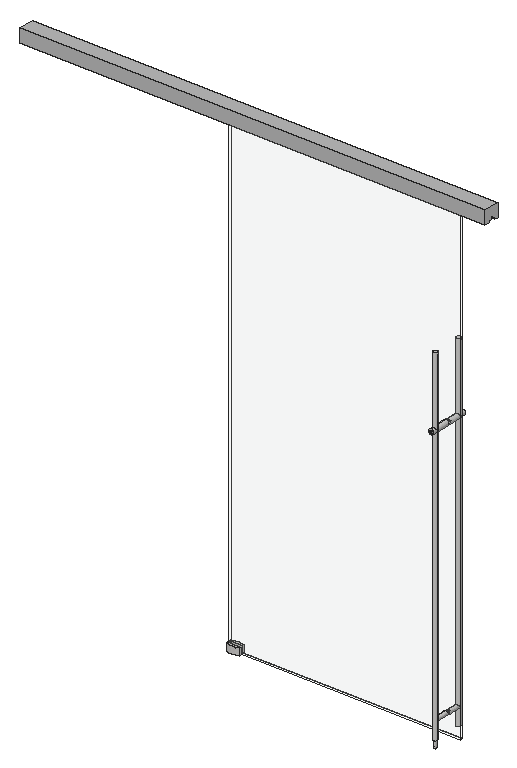
Revit family "Doors_Sliding_Avanti_Systems_Polaris-Auto-Magnetic-Slider_Single-Soffit-Mount-Sgl-Glazed", category Doors, Revit 2026 (continued)
Definition of nested family "Rail-Detail"
  Lines and regions (in)
    model lines, in view "Ref. Level"
      curve 28: arc (1.09204, 1.16142, 0) -> (1.08647, 1.15911, 0) -> (1.08416, 1.15354, 0) r 0.00788
      curve 29: arc (-1.25049, 0.88583, 0) -> (-1.25884, 0.88237, 0) -> (-1.2623, 0.87402, 0) r 0.01181
      curve 30: arc (-1.2623, -0.87402, 0) -> (-1.25884, -0.88237, 0) -> (-1.25049, -0.88583, 0) r 0.01181
      curve 31: arc (-0.46309, -0.9941, 0) -> (-0.45474, -0.99064, 0) -> (-0.45128, -0.98229, 0) r 0.01181
      curve 32: arc (-0.51419, -0.99132, 0) -> (-0.51689, -0.98918, 0) -> (-0.51971, -0.98722, 0) r 0.05492
      curve 33: arc (0.82235, 0.88583, 0) -> (0.814, 0.88237, 0) -> (0.81054, 0.87402, 0) r 0.01181
      curve 34: arc (-0.1875, 1.02362, 0) -> (-0.19585, 1.02017, 0) -> (-0.19931, 1.01181, 0) r 0.01181
      curve 35: arc (-0.21112, 0.95669, 0) -> (-0.20277, 0.96015, 0) -> (-0.19931, 0.9685, 0) r 0.01181
      curve 36: arc (-0.49065, 0.95669, 0) -> (-0.499, 0.95323, 0) -> (-0.50246, 0.94488, 0) r 0.01181
      curve 37: arc (-0.50246, 0.85827, 0) -> (-0.499, 0.84992, 0) -> (-0.49065, 0.84646, 0) r 0.01181
      curve 38: arc (-0.39616, 0.83465, 0) -> (-0.39962, 0.843, 0) -> (-0.40797, 0.84646, 0) r 0.01181
      curve 39: arc (-0.40797, 0.72835, 0) -> (-0.39962, 0.73181, 0) -> (-0.39616, 0.74016, 0) r 0.01181
      curve 40: arc (-0.50593, 0.73181, 0) -> (-0.50209, 0.72925, 0) -> (-0.49756, 0.72835, 0) r 0.01184
      curve 41: arc (-0.60088, 0.83166, 0) -> (-0.59998, 0.82715, 0) -> (-0.59743, 0.82332, 0) r 0.0118
      curve 42: arc (-0.60088, 0.87402, 0) -> (-0.60434, 0.88237, 0) -> (-0.61269, 0.88583, 0) r 0.01181
      curve 43: arc (1.13337, 0.87402, 0) -> (1.12991, 0.88237, 0) -> (1.12156, 0.88583, 0) r 0.01181
      curve 44: arc (0.81054, 0.8189, 0) -> (0.814, 0.81054, 0) -> (0.82235, 0.80709, 0) r 0.01181
      curve 45: arc (0.86369, 0.79528, 0) -> (0.86023, 0.80363, 0) -> (0.85188, 0.80709, 0) r 0.01181
      curve 46: arc (0.85188, 0.72835, 0) -> (0.86023, 0.73181, 0) -> (0.86369, 0.74016, 0) r 0.01181
      curve 47: arc (0.59991, 0.84646, 0) -> (0.59155, 0.843, 0) -> (0.58809, 0.83465, 0) r 0.01181
      curve 48: arc (0.68258, 0.84646, 0) -> (0.69094, 0.84992, 0) -> (0.69439, 0.85827, 0) r 0.01181
      curve 49: arc (-0.45128, -0.89764, 0) -> (-0.45474, -0.88929, 0) -> (-0.46309, -0.88583, 0) r 0.01181
      curve 50: arc (-0.51419, -0.99132, 0) -> (-0.51063, -0.99338, 0) -> (-0.50658, -0.9941, 0) r 0.0118
      curve 51: arc (-0.57969, -0.98722, 0) -> (-0.60482, -1.03347, 0) -> (-0.57969, -1.07971, 0) r 0.05512
      curve 52: arc (-0.51971, -1.07971, 0) -> (-0.51688, -1.07775, 0) -> (-0.51418, -1.07562, 0) r 0.05538
      curve 53: arc (-0.50657, -1.07284, 0) -> (-0.51062, -1.07355, 0) -> (-0.51418, -1.07562, 0) r 0.01182
      curve 54: arc (-0.45128, -1.08465, 0) -> (-0.45474, -1.0763, 0) -> (-0.46309, -1.07284, 0) r 0.01181
      curve 55: arc (-0.46309, -1.18111, 0) -> (-0.45474, -1.17765, 0) -> (-0.45128, -1.16929, 0) r 0.01181
      curve 56: arc (-1.41978, -1.10236, 0) -> (-1.39672, -1.15804, 0) -> (-1.34104, -1.18111, 0) r 0.07874
      curve 57: arc (-1.34104, 1.1811, 0) -> (-1.39672, 1.15804, 0) -> (-1.41978, 1.10236, 0) r 0.07874
      curve 58: arc (0.5881, 0.74016, 0) -> (0.59155, 0.73181, 0) -> (0.59991, 0.72835, 0) r 0.01181
      curve 59: arc (0.78638, 1.17372, 0) -> (0.78203, 1.17909, 0) -> (0.77543, 1.1811, 0) r 0.01181
      curve 60: arc (0.78638, 1.17372, 0) -> (0.80463, 1.16142, 0) -> (0.82288, 1.17372, 0) r 0.01969
      curve 61: arc (0.83383, 1.1811, 0) -> (0.82723, 1.17909, 0) -> (0.82288, 1.17372, 0) r 0.01181
      curve 62: arc (0.69439, 0.94488, 0) -> (0.69094, 0.95323, 0) -> (0.68258, 0.95669, 0) r 0.01181
      curve 63: arc (0.39124, 0.9685, 0) -> (0.3947, 0.96015, 0) -> (0.40305, 0.95669, 0) r 0.01181
      curve 64: arc (0.39124, 1.01181, 0) -> (0.38779, 1.02017, 0) -> (0.37943, 1.02362, 0) r 0.01181
      curve 65: arc (1.20893, 0.9635, 0) -> (1.21547, 0.96767, 0) -> (1.21802, 0.975, 0) r 0.01181
      curve 66: arc (1.20893, 0.9635, 0) -> (1.17865, 0.9252, 0) -> (1.20893, 0.88689, 0) r 0.03937
      curve 67: arc (1.21802, 0.8754, 0) -> (1.21547, 0.88272, 0) -> (1.20893, 0.88689, 0) r 0.01181
      curve 68: arc (1.20621, 0.72835, 0) -> (1.21456, 0.73181, 0) -> (1.21802, 0.74016, 0) r 0.01181
      curve 69: arc (1.08022, 0.74016, 0) -> (1.08368, 0.73181, 0) -> (1.09203, 0.72835, 0) r 0.01181
      curve 70: arc (1.09203, 0.80709, 0) -> (1.08368, 0.80363, 0) -> (1.08022, 0.79528, 0) r 0.01181
      curve 71: arc (1.12156, 0.80709, 0) -> (1.12991, 0.81054, 0) -> (1.13337, 0.8189, 0) r 0.01181
      curve 72: arc (-1.09695, -1.04331, 0) -> (-1.09464, -1.04888, 0) -> (-1.08907, -1.05118, 0) r 0.00787
      curve 73: arc (-0.6875, -1.05118, 0) -> (-0.68193, -1.04888, 0) -> (-0.67962, -1.04331, 0) r 0.00787
      curve 74: arc (-0.67175, -0.88583, 0) -> (-0.67732, -0.88813, 0) -> (-0.67962, -0.8937, 0) r 0.00787
      curve 75: arc (-1.09695, -0.8937, 0) -> (-1.09925, -0.88814, 0) -> (-1.10482, -0.88583, 0) r 0.00787
      curve 76: arc (-1.08907, 1.05118, 0) -> (-1.09463, 1.04888, 0) -> (-1.09695, 1.04332, 0) r 0.00788
      curve 77: arc (-1.10482, 0.88583, 0) -> (-1.09925, 0.88814, 0) -> (-1.09695, 0.8937, 0) r 0.00787
      curve 78: arc (-0.67962, 1.0433, 0) -> (-0.68193, 1.04888, 0) -> (-0.6875, 1.05118, 0) r 0.00788
      curve 79: arc (-0.67962, 0.8937, 0) -> (-0.67732, 0.88813, 0) -> (-0.67175, 0.88583, 0) r 0.00787
      curve 80: arc (-0.53002, -1.12992, 0) -> (-0.52445, -1.12762, 0) -> (-0.52214, -1.12205, 0) r 0.00787
      curve 81: arc (-0.57726, -1.12205, 0) -> (-0.57495, -1.12762, 0) -> (-0.56939, -1.12992, 0) r 0.00787
      curve 82: arc (-0.56939, -0.93701, 0) -> (-0.57495, -0.93932, 0) -> (-0.57726, -0.94488, 0) r 0.00787
      curve 83: arc (-0.52214, -0.94488, 0) -> (-0.52445, -0.93932, 0) -> (-0.53002, -0.93701, 0) r 0.00787
      curve 84: arc (1.08022, 1.16929, 0) -> (1.07676, 1.17764, 0) -> (1.06841, 1.1811, 0) r 0.01181
      curve 85: arc (1.04085, 1.10236, 0) -> (1.06869, 1.1139, 0) -> (1.08022, 1.14173, 0) r 0.03937
      curve 86: arc (0.99314, 1.10691, 0) -> (0.99728, 1.10356, 0) -> (1.00246, 1.10236, 0) r 0.01181
      curve 87: arc (0.99314, 1.10691, 0) -> (0.96211, 1.12205, 0) -> (0.93108, 1.10691, 0) r 0.03937
      curve 88: arc (0.92177, 1.10236, 0) -> (0.92695, 1.10356, 0) -> (0.93108, 1.10691, 0) r 0.01181
      curve 89: arc (0.844, 1.10236, 0) -> (0.80463, 1.06299, 0) -> (0.844, 1.02362, 0) r 0.03937
      curve 90: arc (0.93108, 1.01908, 0) -> (0.92695, 1.02243, 0) -> (0.92177, 1.02362, 0) r 0.01181
      curve 91: arc (0.93108, 1.01908, 0) -> (0.96211, 1.00394, 0) -> (0.99314, 1.01908, 0) r 0.03937
      curve 92: arc (1.00246, 1.02362, 0) -> (0.99727, 1.02243, 0) -> (0.99314, 1.01908, 0) r 0.01181
      curve 93: arc (1.21802, 1.01181, 0) -> (1.21456, 1.02017, 0) -> (1.20621, 1.02362, 0) r 0.01181
      curve 94: line (-1.03396, 1, 0) -> (-0.74262, 1, 0)
      curve 95: line (-1.04773, 0.84252, 0) -> (-1.04773, 0.89626, 0)
      curve 96: line (-0.72884, 0.89626, 0) -> (-0.72884, 0.84252, 0)
      curve 97: line (-1.03396, -1, 0) -> (-0.74262, -1, 0)
      curve 98: line (-0.72884, -0.89626, 0) -> (-0.72884, -0.84252, 0)
      curve 99: line (-1.04577, -0.84252, 0) -> (-1.04577, -0.89626, 0)
      curve 100: line (1.33613, -1.10236, 0) -> (1.33613, 1.08268, 0)
      curve 101: line (0.75739, -1.18111, 0) -> (1.25739, -1.18111, 0)
      curve 102: line (0.75739, -1.07284, 0) -> (0.80087, -1.07284, 0)
      curve 103: line (0.81644, -1.08759, 0) -> (0.81644, -1.12205, 0)
      curve 104: line (0.82432, -1.12992, 0) -> (0.86369, -1.12992, 0)
      curve 105: line (0.87156, -1.12205, 0) -> (0.87156, -1.08759, 0)
      curve 106: line (0.87156, -0.97934, 0) -> (0.87156, -0.94488, 0)
      curve 107: line (0.86369, -0.93701, 0) -> (0.82432, -0.93701, 0)
      curve 108: line (0.81644, -0.94488, 0) -> (0.81644, -0.97934, 0)
      curve 109: line (0.80088, -0.9941, 0) -> (0.75739, -0.9941, 0)
      curve 110: line (0.75739, -0.88583, 0) -> (0.98967, -0.88583, 0)
      curve 111: line (1.26526, -1.10236, 0) -> (1.01329, -1.10236, 0)
      curve 112: line (1.27707, 0.68898, 0) -> (1.27707, -1.09055, 0)
      curve 113: line (1.22983, 0.72835, 0) -> (1.2377, 0.72835, 0)
      curve 114: line (1.21802, 1.01968, 0) -> (1.21802, 0.74016, 0)
      curve 115: line (1.21802, 0.74016, 0) -> (1.21802, 0.8754, 0)
      curve 116: line (1.00246, 1.02362, 0) -> (1.20621, 1.02362, 0)
      curve 117: line (1.21014, 1.02756, 0) -> (0.844, 1.02756, 0)
      curve 118: line (0.844, 1.02362, 0) -> (0.92177, 1.02362, 0)
      curve 119: line (0.92177, 1.10236, 0) -> (0.844, 1.10236, 0)
      curve 120: line (0.844, 1.09843, 0) -> (1.07629, 1.09843, 0)
      curve 121: line (1.08416, 1.1063, 0) -> (1.08416, 1.15354, 0)
      curve 122: line (1.25739, 1.16142, 0) -> (1.09204, 1.16142, 0)
      curve 123: line (0.74558, -0.89764, 0) -> (0.74558, -0.98229, 0)
      curve 124: line (1.00148, -1.09055, 0) -> (1.00148, -0.89764, 0)
      curve 125: line (0.74558, -1.08465, 0) -> (0.74558, -1.16929, 0)
      curve 126: line (-1.25049, 0.88583, 0) -> (-1.10482, 0.88583, 0)
      curve 127: line (-1.2623, -0.87402, 0) -> (-1.2623, 0.87402, 0)
      curve 128: line (-0.50658, -0.9941, 0) -> (-0.46309, -0.9941, 0)
      curve 129: line (0.82235, 0.88583, 0) -> (1.12156, 0.88583, 0)
      curve 130: line (-0.19931, 0.9685, 0) -> (-0.19931, 1.01181, 0)
      curve 131: line (-0.49065, 0.95669, 0) -> (-0.21112, 0.95669, 0)
      curve 132: line (-0.50246, 0.85827, 0) -> (-0.50246, 0.94488, 0)
      curve 133: line (-0.40797, 0.84646, 0) -> (-0.49065, 0.84646, 0)
      curve 134: line (-0.39616, 0.74016, 0) -> (-0.39616, 0.83465, 0)
      curve 135: line (-0.49756, 0.72835, 0) -> (-0.40797, 0.72835, 0)
      curve 136: line (-0.59743, 0.82332, 0) -> (-0.50593, 0.73181, 0)
      curve 137: line (-0.60088, 0.87402, 0) -> (-0.60088, 0.83166, 0)
      curve 138: line (-0.67175, 0.88583, 0) -> (-0.61269, 0.88583, 0)
      curve 139: line (1.13337, 0.87402, 0) -> (1.13337, 0.8189, 0)
      curve 140: line (0.81054, 0.8189, 0) -> (0.81054, 0.87402, 0)
      curve 141: line (0.85188, 0.80709, 0) -> (0.82235, 0.80709, 0)
      curve 142: line (0.86369, 0.74016, 0) -> (0.86369, 0.79528, 0)
      curve 143: line (0.59991, 0.72835, 0) -> (0.85188, 0.72835, 0)
      curve 144: line (0.58809, 0.83465, 0) -> (0.58809, 0.74016, 0)
      curve 145: line (0.68258, 0.84646, 0) -> (0.59991, 0.84646, 0)
      curve 146: line (-1.10482, -0.88583, 0) -> (-1.25049, -0.88583, 0)
      curve 147: line (-0.46309, -0.88583, 0) -> (-0.67175, -0.88583, 0)
      curve 148: line (-0.45128, -0.98229, 0) -> (-0.45128, -0.89764, 0)
      curve 149: line (-0.1875, 1.02362, 0) -> (0.07628, 1.02362, 0)
      curve 150: line (0.07628, 1.02362, 0) -> (0.09597, 1.04331, 0)
      curve 151: line (0.09597, 1.04331, 0) -> (0.11565, 1.02362, 0)
      curve 152: line (0.11565, 1.02362, 0) -> (0.37943, 1.02362, 0)
      curve 153: line (-0.46309, -1.07284, 0) -> (-0.50657, -1.07284, 0)
      curve 154: line (-0.45128, -1.16929, 0) -> (-0.45128, -1.08465, 0)
      curve 155: line (-1.34104, -1.18111, 0) -> (-0.46309, -1.18111, 0)
      curve 156: line (-1.41978, 1.10236, 0) -> (-1.41978, -1.10236, 0)
      curve 157: line (1.06841, 1.1811, 0) -> (0.83383, 1.1811, 0)
      curve 158: line (0.69439, 0.94488, 0) -> (0.69439, 0.85827, 0)
      curve 159: line (0.39124, 1.01181, 0) -> (0.39124, 0.9685, 0)
      curve 160: line (1.09203, 0.72835, 0) -> (1.20621, 0.72835, 0)
      curve 161: line (1.08022, 0.79528, 0) -> (1.08022, 0.74016, 0)
      curve 162: line (1.12156, 0.80709, 0) -> (1.09203, 0.80709, 0)
      curve 163: line (0.40305, 0.95669, 0) -> (0.68258, 0.95669, 0)
      curve 164: line (-1.09695, 1.04332, 0) -> (-1.09695, 0.8937, 0)
      curve 165: line (-0.6875, 1.05118, 0) -> (-1.08907, 1.05118, 0)
      curve 166: line (-0.67962, 0.8937, 0) -> (-0.67962, 1.0433, 0)
      curve 167: line (-0.67962, -1.04331, 0) -> (-0.67962, -0.8937, 0)
      curve 168: line (-1.08907, -1.05118, 0) -> (-0.6875, -1.05118, 0)
      curve 169: line (-1.09695, -0.8937, 0) -> (-1.09695, -1.04331, 0)
      curve 170: line (-0.57726, -1.08181, 0) -> (-0.57726, -1.12205, 0)
      curve 171: line (-0.52214, -1.12205, 0) -> (-0.52214, -1.08181, 0)
      curve 172: line (-0.52214, -0.98513, 0) -> (-0.52214, -0.94488, 0)
      curve 173: line (-0.57726, -0.94488, 0) -> (-0.57726, -0.98513, 0)
      curve 174: line (-0.53002, -1.12992, 0) -> (-0.56939, -1.12992, 0)
      curve 175: line (-0.56939, -0.93701, 0) -> (-0.53002, -0.93701, 0)
      curve 176: line (0.77543, 1.1811, 0) -> (-1.34104, 1.1811, 0)
      curve 177: line (1.08022, 1.14173, 0) -> (1.08022, 1.16929, 0)
      curve 178: line (1.00246, 1.10236, 0) -> (1.04085, 1.10236, 0)
      curve 179: line (1.21802, 0.975, 0) -> (1.21802, 1.01181, 0)
      curve 180: arc (-0.72476, 0.90317, 0) -> (-0.72774, 0.90027, 0) -> (-0.72884, 0.89626, 0) r 0.00789
      curve 181: arc (-0.72476, 0.90317, 0) -> (-0.71407, 0.92126, 0) -> (-0.72476, 0.93936, 0) r 0.02067
      curve 182: arc (-0.72884, 0.94626, 0) -> (-0.72774, 0.94225, 0) -> (-0.72476, 0.93936, 0) r 0.00787
      curve 183: arc (-1.05181, 0.93936, 0) -> (-1.04883, 0.94225, 0) -> (-1.04773, 0.94626, 0) r 0.00787
      curve 184: arc (-1.05181, 0.93936, 0) -> (-1.0625, 0.92126, 0) -> (-1.05181, 0.90317, 0) r 0.02067
      curve 185: arc (-1.04773, 0.89626, 0) -> (-1.04883, 0.90027, 0) -> (-1.05181, 0.90317, 0) r 0.00789
      curve 186: arc (-1.07529, 1.04331, 0) -> (-1.08365, 1.03984, 0) -> (-1.0871, 1.03148, 0) r 0.01181
      curve 187: arc (-0.68947, 1.0315, 0) -> (-0.69293, 1.03985, 0) -> (-0.70128, 1.04331, 0) r 0.01181
      curve 188: arc (-1.03592, 1, 0) -> (-1.04427, 0.99654, 0) -> (-1.04773, 0.98818, 0) r 0.01182
      curve 189: arc (-1.05954, 0.84646, 0) -> (-1.05119, 0.84992, 0) -> (-1.04773, 0.85827, 0) r 0.01181
      curve 190: arc (-0.72884, 0.98818, 0) -> (-0.7323, 0.99654, 0) -> (-0.74065, 1, 0) r 0.01182
      curve 191: arc (-0.72884, 0.85827, 0) -> (-0.72538, 0.84992, 0) -> (-0.71703, 0.84646, 0) r 0.01181
      curve 192: arc (-0.6245, 0.84646, 0) -> (-0.61615, 0.84992, 0) -> (-0.61269, 0.85827, 0) r 0.01181
      curve 193: arc (-0.61269, 0.87402, 0) -> (-0.61615, 0.88237, 0) -> (-0.6245, 0.88583, 0) r 0.01181
      curve 194: arc (-0.68947, 0.89764, 0) -> (-0.68601, 0.88929, 0) -> (-0.67766, 0.88583, 0) r 0.01181
      curve 195: arc (-1.09891, 0.88583, 0) -> (-1.09056, 0.88929, 0) -> (-1.0871, 0.89764, 0) r 0.01181
      curve 196: arc (-1.16388, 0.85827, 0) -> (-1.16042, 0.84992, 0) -> (-1.15207, 0.84646, 0) r 0.01181
      curve 197: arc (-1.15207, 0.88583, 0) -> (-1.16042, 0.88237, 0) -> (-1.16388, 0.87402, 0) r 0.01181
      curve 198: arc (-1.04773, -0.94626, 0) -> (-1.04883, -0.94226, 0) -> (-1.05181, -0.93936, 0) r 0.00787
      curve 199: arc (-0.72476, -0.93936, 0) -> (-0.72774, -0.94226, 0) -> (-0.72884, -0.94626, 0) r 0.00787
      curve 200: arc (-0.70128, -1.04331, 0) -> (-0.69293, -1.03985, 0) -> (-0.68947, -1.0315, 0) r 0.01181
      curve 201: arc (-1.04773, -0.98819, 0) -> (-1.04428, -0.99654, 0) -> (-1.03592, -1, 0) r 0.01181
      curve 202: arc (-1.04577, -0.85827, 0) -> (-1.04923, -0.84992, 0) -> (-1.05758, -0.84646, 0) r 0.01181
      curve 203: arc (-0.74065, -1, 0) -> (-0.7323, -0.99654, 0) -> (-0.72884, -0.98819, 0) r 0.01181
      curve 204: arc (-0.71702, -0.84646, 0) -> (-0.72538, -0.84992, 0) -> (-0.72884, -0.85827, 0) r 0.01181
      curve 205: arc (-0.61269, -0.85827, 0) -> (-0.61615, -0.84992, 0) -> (-0.62451, -0.84646, 0) r 0.01181
      curve 206: arc (-0.62451, -0.88583, 0) -> (-0.61615, -0.88237, 0) -> (-0.61269, -0.87402, 0) r 0.01181
      curve 207: arc (-0.67766, -0.88583, 0) -> (-0.68601, -0.88929, 0) -> (-0.68947, -0.89764, 0) r 0.01181
      curve 208: arc (-1.0871, -0.89764, 0) -> (-1.09056, -0.88929, 0) -> (-1.09891, -0.88583, 0) r 0.01181
      curve 209: arc (-1.15206, -0.84646, 0) -> (-1.16042, -0.84992, 0) -> (-1.16388, -0.85827, 0) r 0.01181
      curve 210: arc (-1.16388, -0.87402, 0) -> (-1.16042, -0.88237, 0) -> (-1.15206, -0.88583, 0) r 0.01181
      curve 211: arc (-1.0871, -1.0315, 0) -> (-1.08365, -1.03985, 0) -> (-1.07529, -1.04331, 0) r 0.01181
      curve 212: arc (-1.05181, -0.90316, 0) -> (-1.04883, -0.90027, 0) -> (-1.04773, -0.89626, 0) r 0.00787
      curve 213: arc (-0.72884, -0.89626, 0) -> (-0.72774, -0.90027, 0) -> (-0.72476, -0.90316, 0) r 0.00787
      curve 214: arc (-1.05181, -0.90316, 0) -> (-1.0625, -0.92126, 0) -> (-1.05181, -0.93936, 0) r 0.02067
      curve 215: arc (-0.72476, -0.93936, 0) -> (-0.71407, -0.92126, 0) -> (-0.72476, -0.90316, 0) r 0.02067
      curve 216: line (-0.67766, 0.88583, 0) -> (-0.6245, 0.88583, 0)
      curve 217: line (-0.61269, 0.87402, 0) -> (-0.61269, 0.85827, 0)
      curve 218: line (-0.6245, 0.84646, 0) -> (-0.71703, 0.84646, 0)
      curve 219: line (-0.72884, 0.85827, 0) -> (-0.72884, 0.89626, 0)
      curve 220: line (-0.72884, 0.94626, 0) -> (-0.72884, 0.98818, 0)
      curve 221: line (-0.74065, 1, 0) -> (-1.03592, 1, 0)
      curve 222: line (-1.04773, 0.98818, 0) -> (-1.04773, 0.94626, 0)
      curve 223: line (-1.04773, 0.89626, 0) -> (-1.04773, 0.85827, 0)
      curve 224: line (-1.05954, 0.84646, 0) -> (-1.15207, 0.84646, 0)
      curve 225: line (-1.16388, 0.85827, 0) -> (-1.16388, 0.87402, 0)
      curve 226: line (-1.15207, 0.88583, 0) -> (-1.09891, 0.88583, 0)
      curve 227: line (-1.07529, 1.04331, 0) -> (-0.70128, 1.04331, 0)
      curve 228: line (-0.68947, 1.0315, 0) -> (-0.68947, 0.89764, 0)
      curve 229: line (-1.0871, 0.89764, 0) -> (-1.0871, 1.03148, 0)
      curve 230: line (-0.70128, -1.04331, 0) -> (-1.07529, -1.04331, 0)
      curve 231: line (-0.62451, -0.84646, 0) -> (-0.71702, -0.84646, 0)
      curve 232: line (-0.61269, -0.87402, 0) -> (-0.61269, -0.85827, 0)
      curve 233: line (-0.67766, -0.88583, 0) -> (-0.62451, -0.88583, 0)
      curve 234: line (-1.15206, -0.88583, 0) -> (-1.09891, -0.88583, 0)
      curve 235: line (-1.16388, -0.85827, 0) -> (-1.16388, -0.87402, 0)
      curve 236: line (-1.05758, -0.84646, 0) -> (-1.15206, -0.84646, 0)
      curve 237: line (-1.04577, -0.89626, 0) -> (-1.04577, -0.85827, 0)
      curve 238: line (-0.74065, -1, 0) -> (-1.03592, -1, 0)
      curve 239: line (-0.72884, -0.94626, 0) -> (-0.72884, -0.98819, 0)
      curve 240: line (-0.72884, -0.85827, 0) -> (-0.72884, -0.89626, 0)
      curve 241: line (-1.04773, -0.98819, 0) -> (-1.04773, -0.94626, 0)
      curve 242: line (-0.68947, -1.0315, 0) -> (-0.68947, -0.89764, 0)
      curve 243: line (-1.0871, -0.89764, 0) -> (-1.0871, -1.0315, 0)
      curve 244: arc (0.91005, 0.71109, 0) -> (0.77573, 0.72832, 0) -> (0.6418, 0.70829, 0) r 0.49218
      curve 245: arc (-0.99964, 0.71542, 0) -> (-0.88829, 0.66929, 0) -> (-0.77693, 0.71542, 0) r 0.15748
      curve 246: arc (-0.99964, 0.54219, 0) -> (-0.88829, 0.49606, 0) -> (-0.77693, 0.54219, 0) r 0.15748
      curve 247: arc (-0.46, 0.66929, 0) -> (-0.4688, 0.66385, 0) -> (-0.46787, 0.65354, 0) r 0.00984
      curve 248: arc (0.71591, -0.49409, 0) -> (0.70199, -0.49986, 0) -> (0.69623, -0.51378, 0) r 0.01969
      curve 249: arc (0.87339, -0.49409, 0) -> (0.88731, -0.48833, 0) -> (0.89308, -0.47441, 0) r 0.01969
      curve 250: arc (0.89308, -0.3563, 0) -> (0.88926, -0.34465, 0) -> (0.8793, -0.33752, 0) r 0.01969
      curve 251: arc (1.15621, 0.54584, 0) -> (1.13067, 0.56291, 0) -> (1.10054, 0.5689, 0) r 0.07873
      curve 252: arc (1.15621, 0.49016, 0) -> (1.16495, 0.518, 0) -> (1.15621, 0.54584, 0) r 0.04871
      curve 253: arc (1.15621, -0.70725, 0) -> (1.16495, -0.67941, 0) -> (1.15621, -0.65157, 0) r 0.04871
      curve 254: arc (1.10054, -0.73031, 0) -> (1.13067, -0.72432, 0) -> (1.15621, -0.70725, 0) r 0.07873
      curve 255: arc (1.2282, 0.41818, 0) -> (1.23694, 0.44601, 0) -> (1.2282, 0.47385, 0) r 0.04871
      curve 256: arc (1.2282, -0.63526, 0) -> (1.23694, -0.60743, 0) -> (1.2282, -0.57959, 0) r 0.04871
      curve 257: arc (1.2282, -0.63526, 0) -> (1.24527, -0.60972, 0) -> (1.25126, -0.57959, 0) r 0.07874
      curve 258: arc (1.25126, 0.41818, 0) -> (1.24527, 0.44831, 0) -> (1.2282, 0.47385, 0) r 0.07874
      curve 259: arc (0.8793, 0.35433, 0) -> (0.86777, 0.38217, 0) -> (0.83993, 0.3937, 0) r 0.03937
      curve 260: arc (0.83993, -0.47244, 0) -> (0.86777, -0.46091, 0) -> (0.8793, -0.43307, 0) r 0.03937
      curve 261: arc (0.61532, 0.61024, 0) -> (0.60704, 0.63859, 0) -> (0.58137, 0.6532, 0) r 0.03937
      curve 262: arc (0.58137, -0.50753, 0) -> (0.60577, -0.49443, 0) -> (0.61552, -0.46851, 0) r 0.03937
      curve 263: line (0.6667, -0.52858, 0) -> (0.69623, -0.52858, 0)
      curve 264: line (0.69623, -0.52858, 0) -> (0.6667, -0.52858, 0)
      curve 265: line (0.6667, -0.52858, 0) -> (0.69623, -0.52858, 0)
      curve 266: line (0.69623, -0.52858, 0) -> (0.6667, -0.52858, 0)
      curve 267: line (0.6667, -0.52858, 0) -> (0.69623, -0.52858, 0)
      curve 268: line (0.69623, -0.52858, 0) -> (0.6667, -0.52858, 0)
      curve 269: line (0.6667, -0.52858, 0) -> (0.69623, -0.52858, 0)
      curve 270: line (0.69623, -0.52858, 0) -> (0.6667, -0.52858, 0)
      curve 271: line (0.6667, -0.52858, 0) -> (0.6667, -0.55417, 0)
      curve 272: line (0.6667, -0.55417, 0) -> (0.69623, -0.55417, 0)
      curve 273: line (0.8793, -0.24596, 0) -> (0.91005, -0.23865, 0)
      curve 274: line (0.91005, -0.23865, 0) -> (0.93835, -0.21034, 0)
      curve 275: line (0.93835, -0.21034, 0) -> (0.93835, -0.04367, 0)
      curve 276: line (0.93835, -0.04367, 0) -> (0.93835, 0.68278, 0)
      curve 277: line (0.93835, 0.68278, 0) -> (0.91005, 0.71109, 0)
      curve 278: line (0.91005, 0.71109, 0) -> (0.91005, -0.06141, 0)
      curve 279: line (0.91005, -0.06141, 0) -> (0.91005, -0.23865, 0)
      curve 280: line (0.6418, 0.3937, 0) -> (0.6418, 0.70829, 0)
      curve 281: line (0.6418, 0.70829, 0) -> (0.6225, 0.66929, 0)
      curve 282: line (-0.65206, 0.73228, 0) -> (-0.65206, 0.74803, 0)
      curve 283: line (-0.65206, 0.74803, 0) -> (-0.67175, 0.76772, 0)
      curve 284: line (-0.67175, 0.76772, 0) -> (-0.72463, 0.76772, 0)
      curve 285: line (-0.72463, 0.76772, 0) -> (-0.77693, 0.71542, 0)
      curve 286: line (-0.77693, 0.71542, 0) -> (-0.77693, 0.54219, 0)
      curve 287: line (0.93835, 0.13779, 0) -> (0.94623, 0.13779, 0)
      curve 288: line (0.94623, 0.13779, 0) -> (0.95804, 0.14961, 0)
      curve 289: line (0.95804, 0.14961, 0) -> (0.95804, 0.32283, 0)
      curve 290: line (0.95804, 0.32283, 0) -> (0.94623, 0.33465, 0)
      curve 291: line (0.94623, 0.33465, 0) -> (0.93835, 0.33465, 0)
      curve 292: line (-1.12451, 0.54974, 0) -> (-1.12451, -0.76378, 0)
      curve 293: line (-1.12451, -0.76378, 0) -> (-1.10482, -0.78347, 0)
      curve 294: line (-1.10482, -0.78347, 0) -> (-1.05194, -0.78347, 0)
      curve 295: line (-1.05194, -0.78347, 0) -> (-0.99964, -0.73116, 0)
      curve 296: line (-0.99964, -0.73116, 0) -> (-0.99964, 0.54219, 0)
      curve 297: line (-0.99964, 0.54219, 0) -> (-1.05194, 0.59449, 0)
      curve 298: line (-1.05194, 0.59449, 0) -> (-1.10482, 0.59449, 0)
      curve 299: line (-1.10482, 0.59449, 0) -> (-1.12451, 0.57481, 0)
      curve 300: line (-1.12451, 0.57481, 0) -> (-1.12451, 0.54974, 0)
      curve 301: line (-0.77693, -0.73116, 0) -> (-0.72463, -0.78347, 0)
      curve 302: line (-0.72463, -0.78347, 0) -> (-0.67175, -0.78347, 0)
      curve 303: line (-0.67175, -0.78347, 0) -> (-0.65206, -0.76378, 0)
      curve 304: line (-0.65206, -0.76378, 0) -> (-0.65206, 0.57481, 0)
      curve 305: line (-0.65206, 0.57481, 0) -> (-0.67175, 0.59449, 0)
      curve 306: line (-0.67175, 0.59449, 0) -> (-0.72463, 0.59449, 0)
      curve 307: line (-0.72463, 0.59449, 0) -> (-0.77693, 0.54219, 0)
      curve 308: line (-0.77693, 0.54219, 0) -> (-0.77693, -0.73116, 0)
      curve 309: line (-0.65206, 0.57481, 0) -> (-0.65206, 0.73228, 0)
      curve 310: line (-1.12451, 0.73228, 0) -> (-1.12451, 0.74803, 0)
      curve 311: line (-1.12451, 0.74803, 0) -> (-1.10482, 0.76772, 0)
      curve 312: line (-1.10482, 0.76772, 0) -> (-1.05194, 0.76772, 0)
      curve 313: line (-1.05194, 0.76772, 0) -> (-0.99964, 0.71542, 0)
      curve 314: line (-0.99964, 0.71542, 0) -> (-0.99964, 0.54219, 0)
      curve 315: line (-0.63238, 0.14961, 0) -> (-0.65206, 0.14961, 0)
      curve 316: line (-0.65206, -0.33858, 0) -> (-0.63238, -0.33858, 0)
      curve 317: line (-0.63238, 0.30709, 0) -> (-0.65206, 0.30709, 0)
      curve 318: line (0.61532, 0.3937, 0) -> (0.83993, 0.3937, 0)
      curve 319: line (0.83993, 0.3937, 0) -> (0.8793, 0.3937, 0)
      curve 320: line (0.8793, 0.3937, 0) -> (0.8793, 0.35433, 0)
      curve 321: line (0.8793, 0.35433, 0) -> (0.8793, -0.43307, 0)
      curve 322: line (0.8793, -0.43307, 0) -> (0.8793, -0.47244, 0)
      curve 323: line (0.8793, -0.47244, 0) -> (0.83993, -0.47244, 0)
      curve 324: line (0.83993, -0.47244, 0) -> (0.61532, -0.47244, 0)
      curve 325: line (0.61532, -0.47244, 0) -> (0.61532, 0.61024, 0)
      curve 326: line (0.62339, 0.3937, 0) -> (0.62339, 0.67109, 0)
      curve 327: line (0.6225, 0.66929, 0) -> (-0.46, 0.66929, 0)
      curve 328: line (0.93835, 0.5689, 0) -> (1.10054, 0.5689, 0)
      curve 329: line (1.10054, 0.5689, 0) -> (1.10054, 0.49016, 0)
      curve 330: line (1.10054, 0.49016, 0) -> (1.10054, -0.65157, 0)
      curve 331: line (1.10054, -0.65157, 0) -> (0.69623, -0.65157, 0)
      curve 332: line (0.69623, -0.65157, 0) -> (0.69623, -0.51378, 0)
      curve 333: line (0.71591, -0.49409, 0) -> (0.87339, -0.49409, 0)
      curve 334: line (0.89308, -0.47441, 0) -> (0.89308, -0.3563, 0)
      curve 335: line (0.93835, 0.49016, 0) -> (1.10054, 0.49016, 0)
      curve 336: line (1.10054, 0.49016, 0) -> (1.15621, 0.49016, 0)
      curve 337: line (1.15621, 0.49016, 0) -> (1.15621, -0.65157, 0)
      curve 338: line (1.15621, -0.65157, 0) -> (1.10054, -0.65157, 0)
      curve 339: line (1.10054, -0.65157, 0) -> (1.10054, -0.73031, 0)
      curve 340: line (1.10054, -0.73031, 0) -> (0.69623, -0.73031, 0)
      curve 341: line (0.69623, -0.73031, 0) -> (0.69623, -0.65157, 0)
      curve 342: line (1.2282, 0.41818, 0) -> (1.15621, 0.49016, 0)
      curve 343: line (1.15621, 0.54584, 0) -> (1.2282, 0.47385, 0)
      curve 344: line (1.2282, -0.63526, 0) -> (1.15621, -0.70725, 0)
      curve 345: line (1.15621, -0.65157, 0) -> (1.2282, -0.57959, 0)
      curve 346: line (1.2282, -0.57959, 0) -> (1.2282, 0.41818, 0)
      curve 347: line (1.2282, 0.41818, 0) -> (1.25126, 0.41818, 0)
      curve 348: line (1.25126, 0.41818, 0) -> (1.25126, -0.57959, 0)
      curve 349: line (1.25126, -0.57959, 0) -> (1.2282, -0.57959, 0)
      curve 350: line (0.75331, -0.47244, 0) -> (0.75331, -0.49409, 0)
      curve 351: line (0.79268, -0.49409, 0) -> (0.79268, -0.47244, 0)
      curve 352: line (-0.67175, -0.78347, 0) -> (-0.67175, 0.76772, 0)
      curve 353: line (-0.65206, 0.59055, 0) -> (-0.64025, 0.59055, 0)
      curve 354: line (-0.62004, -0.59055, 0) -> (-0.63238, -0.59055, 0)
      curve 355: line (-0.56039, -0.59055, 0) -> (-0.65206, -0.59055, 0)
      curve 356: line (-0.63238, -0.59055, 0) -> (-0.63238, -0.54252, 0)
      curve 357: line (-0.36405, -0.78347, 0) -> (-0.00296, -0.78347, 0)
      curve 358: line (-0.00296, -0.78347, 0) -> (-0.00296, 0.17718, 0)
      curve 359: line (-0.27694, 0.17718, 0) -> (0.21444, 0.17718, 0)
      curve 360: line (0.21444, 0.17718, 0) -> (0.15068, 0.17694, 0)
      curve 361: line (0.62339, 0.43307, 0) -> (0.61532, 0.43307, 0)
      curve 362: line (0.18652, 0.39972, 0) -> (0.19789, 0.37587, 0)
      curve 363: line (0.19789, 0.37587, 0) -> (0.2062, 0.32874, 0)
      curve 364: line (0.2062, 0.32874, 0) -> (0.2062, 0.17718, 0)
      curve 365: line (-0.27694, 0.1811, 0) -> (-0.27694, 0.20079, 0)
      curve 366: line (-0.27694, 0.20079, 0) -> (0.18652, 0.20079, 0)
      curve 367: line (0.18652, 0.20079, 0) -> (0.18652, 0.17718, 0)
      curve 368: line (-1.05194, 0.76772, 0) -> (-1.05194, 0.59449, 0)
      curve 369: line (-1.05194, 0.59449, 0) -> (-1.05194, -0.78347, 0)
      curve 370: line (-1.10482, 0.76772, 0) -> (-1.10482, 0.59449, 0)
      curve 371: line (-1.10482, 0.59449, 0) -> (-1.10482, 0.56869, 0)
      curve 372: line (-1.10482, 0.56869, 0) -> (-1.10482, -0.78347, 0)
      curve 373: line (-0.72463, 0.76772, 0) -> (-0.72463, 0.59449, 0)
      curve 374: line (-0.72463, 0.59449, 0) -> (-0.72463, -0.78347, 0)
      curve 375: line (-1.12451, 0.57481, 0) -> (-1.12451, 0.73228, 0)
      curve 376: line (-0.56039, 0.61417, 0) -> (-0.64025, 0.61417, 0)
      curve 377: line (-0.64025, 0.61417, 0) -> (-0.64025, 0.65354, 0)
      curve 378: line (-0.64025, 0.65354, 0) -> (-0.56039, 0.65354, 0)
      curve 379: line (-0.64025, -0.46851, 0) -> (-0.64025, -0.33858, 0)
      curve 380: line (-0.64025, 0.30709, 0) -> (-0.64025, 0.61417, 0)
      curve 381: line (-0.65206, -0.51181, 0) -> (-0.63238, -0.50787, 0)
      curve 382: line (-0.64025, -0.50945, 0) -> (-0.64025, -0.46851, 0)
      curve 383: line (0.58137, -0.7441, 0) -> (0.58137, 0.61417, 0)
      curve 384: line (0.58137, 0.61417, 0) -> (0.58137, 0.65354, 0)
      curve 385: line (0.58137, 0.65354, 0) -> (0.37163, 0.65354, 0)
      curve 386: line (0.37163, 0.65354, 0) -> (0.18652, 0.65354, 0)
      curve 387: line (0.4846, 0.16142, 0) -> (0.4846, -0.78347, 0)
      curve 388: line (0.4846, -0.78347, 0) -> (0.15068, -0.78347, 0)
      curve 389: line (0.15068, -0.78347, 0) -> (0.15068, 0.17694, 0)
      curve 390: line (0.15068, 0.16142, 0) -> (0.4846, 0.16142, 0)
      curve 391: line (0.58137, 0.61417, 0) -> (0.4846, 0.61417, 0)
      curve 392: line (0.4846, 0.61417, 0) -> (0.4846, 0.65354, 0)
      curve 393: line (0.4846, 0.61417, 0) -> (0.4846, -0.7441, 0)
      curve 394: line (0.4846, -0.7441, 0) -> (0.58137, -0.7441, 0)
      curve 395: line (0.58137, -0.7441, 0) -> (0.58137, -0.78347, 0)
      curve 396: line (0.58137, -0.78347, 0) -> (0.4846, -0.78347, 0)
      curve 397: line (-0.56039, 0.43701, 0) -> (-0.63238, 0.43701, 0)
      curve 398: line (-0.63238, 0.43701, 0) -> (-0.63238, -0.54252, 0)
      curve 399: line (-0.56039, -0.82284, 0) -> (-0.36405, -0.82284, 0)
      curve 400: line (-0.36405, -0.82284, 0) -> (-0.36405, -0.78347, 0)
      curve 401: line (-0.56039, -0.82284, 0) -> (-0.56039, -0.50787, 0)
      curve 402: line (-0.56039, -0.50787, 0) -> (-0.56039, 0.65354, 0)
      curve 403: line (-0.56039, 0.65354, 0) -> (0.18652, 0.65354, 0)
      curve 404: line (0.18652, 0.65354, 0) -> (0.18652, 0.20079, 0)
      curve 405: line (-0.27694, -0.78347, 0) -> (-0.27694, 0.1811, 0)
      curve 406: line (0.60607, 0.63977, 0) -> (0.62339, 0.63977, 0)
      curve 407: line (-0.64025, 0.51181, 0) -> (-0.65206, 0.51181, 0)
  Dimensions and locks (in)
    "Half Thickness": curve 358 to plane 4
    "Half Thickness": plane 4 to curve 389
Definition of nested family "Arrow"
  Reference planes (in)
    plane 1 "Center (Front/Back)": y = 0
    plane 2: z = 0
    plane 3 "Center (Left/Right)": x = 0
  Lines and regions (in)
    detail lines, in view "Ref. Level"
      curve 1: line (-2.57725, 1.35976, 0) -> (-3.93701, 0, 0)
      curve 2: line (-3.93701, 0, 0) -> (3.93701, 0, 0)
      curve 3: line (-2.57725, -1.35976, 0) -> (-3.93701, 0, 0)
